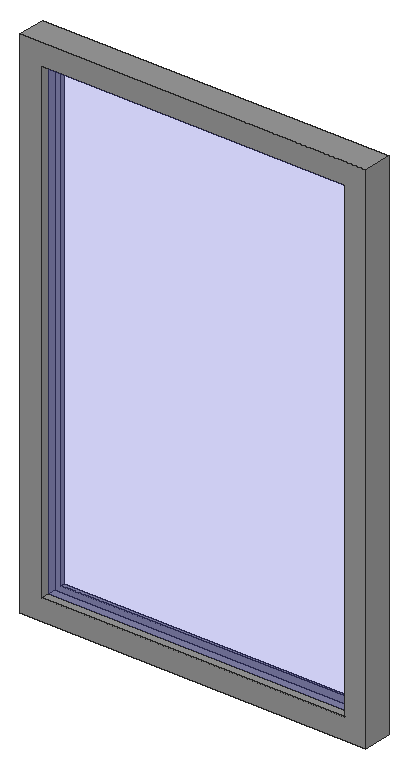
Revit family "2015_Ventana_Alugom_ALG 65 Optima_1-Hoja_Fija", category Windows, host Wall, Revit 2015
Parameters (values of type "800 mm x 1200 mm")
  𝑙𝑔 = 2 * ((Width / 1 mm - (AnchoMarco / 1 mm * 2)) + (Height / 1 mm - (AnchoMarco / 1 mm * 2)))  # 3287.2
  𝑈𝑤 = ((𝐴𝑔 * 𝑈𝑔) + (𝐴𝑓 * 𝑈𝑓) + ((𝑙𝑔 * Y𝑔) * 1000)) / (𝐴𝑔 + 𝐴𝑓)  # 2.8614
  𝑈𝑔 = 1.9
  𝑈𝑓 = 3.629
  𝐴𝑔 = (Height / 1 mm - (AnchoMarco / 1 mm * 2)) * (Width / 1 mm - (AnchoMarco / 1 mm * 2))  # 635355.24
  𝐴𝑓 = (((Height / 1 mm + Width / 1 mm) * AnchoMarco / 1 mm) * 2) - (AnchoMarco / 1 mm * AnchoMarco / 1 mm * 4)  # 324644.76
  Y𝑔 = 0.11
  VidaUtilEsperada = ""
  VersionElementoBIM = "1.0"  # constant formula
  UnidadMedicion = ""
  UnidadMantenimiento = ""
  Unidad = ""
  Uniclass2.0Titulo = "\"Door and window systems\""
  Uniclass2.0Codigo = "\"25-30\""
  URLProducto = "http://www.alugom.com/Catalogo/tabid/336/ProdID/47/Language/es-ES/CatID/2/ventana_practicable_de_camara_europea_de_65_mm_con_RPT.aspx"
  URL Poliamida - Catálogo = "http://www.technoform.com/fileadmin/Technoform_Bautec/standardprofiles.html"
  URL Poliamida = "http://www.technoform.es/"
  URL = "http://www.alugom.com/es-es/inicio.aspx"
  UNSPSCTitulo = "Windows"  # constant formula
  UNSPSCCodigo = "30171600"  # constant formula
  Type Comments = "Sistema de Ventana de 1 Hoja Rotura de Puente Térmico ALG65 Óptima Practicable."
  TransmitanciaTermica = 0.0000 W/(m²·K)
  TrabajoMantenimiento = ""
  TipoEmbalajeProteccion = ""
  TiempoMedioEntreFallos = ""
  TelefonoContacto = "34 91 616 47 27"  # constant formula
  SalidaEmergencia = yes
  ResistenciaFuego = ""
  ResistenciaAlViento = ""
  ResiduosPeligrososPorUnidad = 0
  ResiduosPeligrosos = 0
  ResiduosNoPeligrososPorUnidad = 0
  ResiduosNoPeligrosos = 0
  ResiduoRadioactivoPorUnidad = 0
  ResiduoRadioactivo = 0
  ResiduoInertePorUnidad = 0
  ResiduoInerte = 0
  RepisaInterior = no
  RepisaExterior = no
  ReferenciaUnidadFuncional = ""
  ReferenciaLote = ""
  ReferenciaContacto = "Alugom"  # constant formula
  Referencia = ""
  PuntoDeContacto = ""
  Proyección Apertura = yes
  Practicable = yes
  Poliamida = Poliamida, Technoform Bautec, PA66 GF 25
  PermeabilidadAlAire = ""
  PeriodoGarantia = ""
  Perimetro = (Width / 1 mm * 2) + (Height / 1 mm * 2)  # 4000
  Operation = "Fija"
  OmniclassTitulo = "Casment Window"  # constant formula
  OmniclassCodigo = "23.30.20.17.21.21"  # constant formula
  NumeroSerie = ""
  NumeroArticuloGlobalComercial = ""
  NumeroArticulo = ""
  NormativaMantenimiento = ""
  NivelSeguridad = ""
  Motorizada = no
  Model = "ALG65 Óptima Fija"
  MaterialEnvase = ""
  MaterialContenedor = ""
  MateriaPrima = 0
  MasterformatTitulo = "Aluminium Windows"  # constant formula
  MasterformatCodigo = "08 51 13"  # constant formula
  MasaSuperficialKgm2 = 0
  Marco = Aluminio
  Manufacturer = "Grupo Alugom"  # constant formula
  Manija = yes
  LugarEnsamblaje = ""
  InstruccionesEspeciales = ""
  InformacionTecnica = "http://www.alugom.com/Catalogo/tabid/336/ProdID/47/Language/es-ES/CatID/2/ventana_practicable_de_camara_europea_de_65_mm_con_RPT.aspx"
  IndiceGlobalRedAcusticaTr = ""
  IndiceGlobalRedAcustica = ""
  IdentificadorGarantia = ""
  IFCClasificacion = ""
  GrosorMarco = 65 mm  # constant formula
  GrosorAcristalamiento = 39 mm  # constant formula
  GarantiaExtendida = ""
  FrecuenciaMantenimiento = ""
  FraccionAreaAcristalamiento = 0.00%
  FormacionFotoquimicaOzonoPorUnidad = 0
  FormacionFotoquimicaOzono = 0
  FechaVencimientoElementoBIM = "05/09/2017"  # constant formula
  FechaInstalacion = ""
  FechaInicioGarantia = ""
  FechaFinGarantia = ""
  FechaEvaluacion = ""
  FechaEmisionElementoBIM = "05/09/2016"  # constant formula
  FechaCompra = ""
  FaseCicloVida = ""
  FaltaDeRecursosPorUnidad = 0
  FaltaDeRecursos = 0
  FactorSombra = 0
  FactorSolarModificado = 3000000
  Exclusiones = ""
  EutrofizacionPorUnidad = 0
  Eutrofizacion = 0
  EtiquetaModelo = ""
  EstanqueidadAgua = ""
  Estado = ""
  EnergiaRenovableConsumidaPorUnidad = 0
  EnergiaRenovableConsumida = 0
  EnergiaPrimariaTotalConsumidaPorUnidad = 0
  EnergiaPrimariaTotalConsumida = 0
  EnergiaNoRenovableConsumidaPorUnidad = 0
  EnergiaNoRenovableConsumida = 0
  EmisionCO2 = 0
  EmailContacto = "alugom@alugom.com"  # constant formula
  DuracionVidaUtil = ""
  Detalle Perfileria = yes
  DestruccionCapaOzonoEstratosfericaPorUnidad = 0
  DestruccionCapaOzonoEstratosferica = 0
  DesfaseInterior = 0 mm
  DesfaseExterior = 0 mm
  DesfaseAcristalamiento = 7.8 mm  # constant formula
  Description = "Ventana fija"
  DescripcionEvaluacion = ""
  CosteMantenimiento = 0
  CosteEnergeticoMj = 0 J
  CosteEnergeticoKwh = 0
  ControlHumos = no
  ContenidoGarantia = ""
  ConfiguracionPoliamidas = "350300 - 464700"  # constant formula
  CondicionesMantenimiento = ""
  CondicionesGeneralesDeContratacion = ""
  CondicionesEvaluacion = ""
  CodigoBedec = ""
  CodigoBarras = ""
  CertificadoMantenimiento = ""
  CerramientoExterior = yes
  CambioClimaticoPorUnidad = 0
  CambioClimatico = 0
  COBieCategoria = ""
  Aperturas [instance] = yes
  Anchura Real = if(Width > Anchura Máxima, Anchura Máxima, Width)  # 800 mm
  Anchura Máxima = 1700 mm
  AnchoMarco = 89.1 mm
  Altura Real = if(Height > Altura Máxima, Altura Máxima, Height)  # 1200 mm
  Altura Máxima = 2500 mm
  Height = 1200 mm
  Bimetica = "http://www.bimetica.com"
  AñoProduccion = ""
  Autor = "Bimetica Parametric Design Services, S.L."  # constant formula
  Area = Altura Real * Anchura Real  # 960000.00 mm²
  Altura de antepecho por defecto = 800 mm
  Wall Closure = By host
  Width = 800 mm
  AguaConsumidaPorUnidad = 0
  AguaConsumida = 0
  Acristalamiento = Vidrio
  AcidificacionAtmosfericaPorUnidad = 0
  AcidificacionAtmosferica = 0
  Acabado = ""
Reference planes
  plane 1 "Centro (Frontal/Posterior)": y = -35
  plane 2 "Centro (Izquierda/Derecha)": x = 0
  plane 3 "Izquierda": x = -400
  plane 4 "Derecha": x = 400
  plane 5 "Antepecho": z = 800
  plane 6 "Extremo inicial": z = 2000
  plane 7 "Interior": y = -100
  plane 8 "ASDAS": y = -100
Forms (mm)
  Sweep 1, solid, material "Aluminio" <- "Marco"
    path origin (0, -100, 0) x (1, 0, 0) y (0, 0, 1)
      loop
        line (-400, 800) -> (400, 800) -> (400, 2000) -> (-400, 2000) -> (-400, 800)
    profile origin (-400, -100, 1400) x (-1, 0, 0) y (0, -1, 0)
      loop
        line (0, 0) -> (-49.001, 0) -> (-49.001, -18.2) -> (-34.001, -18.2) -> (-34.001, -57.2) -> (-49.001, -57.2) -> (-49.001, -65) -> (0, -65) -> (0, 0)
  Extrusion 2, solid, material "Vidrio" <- "Acristalamiento"
    sketch origin (0, 0, 800) x (0, -1, 0) y (1, 0, 0)
      loop
        line (42.8, -365.999) -> (81.8, -365.999) -> (81.8, 365.999) -> (42.8, 365.999) -> (42.8, -365.999)
    from 34.001 to 1165.999
Lines and regions (mm)
  Opening 1
    outline origin (3500, -100, 0) x (1, 0, 0) y (0, 0, 1)
      loop
        line (-3100, 800) -> (-3100, 2000) -> (-3900, 2000) -> (-3900, 800) -> (-3100, 800)
  symbolic lines, style "WindowsGlassProjection", detail levels fine
    curve 1: line (-365.999, -47.8, 0) -> (365.999, -47.8, 0)
    curve 2: line (-365.999, -76.8, 0) -> (365.999, -76.8, 0)
    curve 3: line (365.999, -59.8, 0) -> (-365.999, -59.8, 0)
    curve 4: line (365.999, -64.8, 0) -> (-365.999, -64.8, 0)
    curve 6: line (-400, -47.8, 834.001) -> (-400, -47.8, 1965.999)
    curve 7: line (-400, -76.8, 834.001) -> (-400, -76.8, 1965.999)
    curve 8: line (-400, -64.8, 1965.999) -> (-400, -64.8, 834.001)
    curve 9: line (-400, -59.8, 1965.999) -> (-400, -59.8, 834.001)
  reference lines
    curve 5: line (0, -100, 800) -> (0, -35, 800)
Text (mm)
  text "EXTERIOR" at (-1963.203, 1332.353, 0), in view "Nivel de referencia"
  text "INTERIOR" at (-1981.466, -818.386, 0), in view "Nivel de referencia"
  text "Exterior" at (0, 923.751, 2943.296), in view "Derecha"
  text "Exterior" at (0, 1040.484, 2685.409), in view "Izquierda"
Dimensions and locks
  equal spacing: plane 3 "Izquierda", plane 2 "Centro (Izquierda/Derecha)", plane 4 "Derecha"
  "Anchura Real": plane 3 "Izquierda" to plane 4 "Derecha"
  "Height": plane 5 "Antepecho" to plane 6 "Extremo inicial"
  "Altura de antepecho por defecto": plane 5 "Antepecho" to level
  "DesfaseInterior": plane 8 "ASDAS" to plane 7 "Interior"
  "DesfaseExterior": host wall to plane 7 "Interior"
  "GrosorMarco": plane 8 "ASDAS" to plane 1 "Centro (Frontal/Posterior)"
  "GrosorAcristalamiento": Extrusion 2 sketch curve to Extrusion 2 sketch curve
  locked: Extrusion 2 sketch curve to plane 4 "Derecha" at 34.001
  locked: plane 3 "Izquierda" to Extrusion 2 sketch curve at 34.001
  Extrusion 2 to curve 1 to curve 3 to curve 4 to curve 2 = 5 mm locked, 12 mm locked, 5 mm locked, 12 mm locked
  nested 3 to plane 1 "Centro (Frontal/Posterior)" = 65 mm
  plane 5 "Antepecho" to Extrusion 2 = 34.001 mm
  Extrusion 2 to plane 6 "Extremo inicial" = 34.001 mm
  nested 4 to plane 1 "Centro (Frontal/Posterior)" = 65 mm
  Extrusion 2 to curve 6 to curve 9 to curve 8 to curve 7 = 5 mm locked, 12 mm locked, 5 mm locked, 12 mm locked
  plane 3 "Izquierda" to plane 4 "Derecha" = 800 mm
  profile plane to Sweep 1 sketch curve to Sweep 1 sketch curve to Sweep 1 sketch curve = 0 mm, 34.001 mm, 15 mm
  "DesfaseAcristalamiento": Sweep 1 sketch curve to plane 1 "Centro (Frontal/Posterior)"
  "GrosorAcristalamiento": Sweep 1 sketch curve to Sweep 1 sketch curve
  "DesfaseAcristalamiento": Extrusion 2 to plane 1 "Centro (Frontal/Posterior)"
  locked: Extrusion 2 to plane 6 "Extremo inicial" at 34.001
  locked: plane 5 "Antepecho" to Extrusion 2 at 34.001
  aligned and locked: plane 8 "ASDAS" to nested 1
  aligned and locked: nested 1 to plane 3 "Izquierda"
  aligned and locked: nested 2 to plane 4 "Derecha"
  aligned and locked: nested 2 to plane 8 "ASDAS"
  aligned and locked: plane 5 "Antepecho" to Sweep 1 sketch curve
  aligned and locked: plane 3 "Izquierda" to Sweep 1 sketch curve
  aligned and locked: Sweep 1 sketch curve to plane 6 "Extremo inicial"
  aligned and locked: Sweep 1 sketch curve to plane 4 "Derecha"
  aligned and locked: curve 5 to plane 2 "Centro (Izquierda/Derecha)"
  aligned and locked: plane 1 "Centro (Frontal/Posterior)" to curve 5
  aligned and locked: plane 8 "ASDAS" to curve 5
  aligned and locked: Extrusion 2 to curve 6  (x2)
  aligned and locked: Extrusion 2 to curve 7  (x2)
  aligned and locked: Extrusion 2 to curve 8  (x2)
  aligned and locked: Extrusion 2 to curve 9  (x2)
  aligned and locked: plane 1 "Centro (Frontal/Posterior)" to Sweep 1 sketch curve
  aligned and locked: nested 3 to plane 1 "Centro (Frontal/Posterior)"
  aligned and locked: nested 3 to plane 5 "Antepecho"
  aligned and locked: nested 4 to plane 6 "Extremo inicial"
  aligned and locked: nested 4 to plane 1 "Centro (Frontal/Posterior)"
Automatic sketch dimensions
  plane 3 "Izquierda" to Opening 1 sketch curve = 0 mm
  plane 4 "Derecha" to Opening 1 sketch curve = 0 mm
  Opening 1 sketch curve to plane 5 "Antepecho" = 0 mm
  Opening 1 sketch curve to plane 6 "Extremo inicial" = 0 mm
  curve 1 to plane 3 "Izquierda" = 34.001 mm
  curve 3 to curve 1 = 0 mm
  curve 2 to curve 3 = 0 mm
  curve 4 to curve 3 = 0 mm  (x2)
  plane 4 "Derecha" to curve 3 = 34.001 mm
  curve 2 to curve 4 = 0 mm
  curve 1 to curve 3 = 0 mm
  curve 9 to curve 8 = 0 mm
  plane 8 "ASDAS" to Sweep 1 sketch curve = 0 mm
  Sweep 1 sketch curve to Sweep 1 sketch curve = 15 mm
  plane 1 "Centro (Frontal/Posterior)" to Extrusion 2 sketch curve = 7.8 mm
Nested families
  nested 1: "ALG 65 Optima_Detalle-Carpintería-Marco" at (-400, -100, 0), visible <- "Detalle Perfileria", type "Marco y Hoja Practicable", detail levels medium+fine
  nested 2: "ALG 65 Optima_Detalle-Carpintería-Marco" at (400, -100, 0) x (-1, 0, 0) z (0, 0, 1), visible <- "Detalle Perfileria", type "Marco y Hoja Practicable", detail levels medium+fine
  nested 3: "ALG 65 Optima_Detalle-Carpintería-Marco" at (400, -100, 800) x (0, 0, 1) z (-1, 0, 0), visible <- "Detalle Perfileria", type "Marco y Hoja Practicable", detail levels medium+fine
  nested 4: "ALG 65 Optima_Detalle-Carpintería-Marco" at (400, -100, 2000) x (0, 0, -1) z (-1, 0, 0), visible <- "Detalle Perfileria", type "Marco y Hoja Practicable", detail levels medium+fine
Definition of nested family "ALG 65 Optima_Detalle-Carpintería-Marco"
  Parameters (values of type "Marco y Hoja Practicable")
    URL = "http://www.alugom.com/"
    Model = "ALG 65 Optima"  # constant formula
    Marco y Hoja Practicable = yes
    FechaVencimientoElementoBIM = "01/01/2017"  # constant formula
    FechaEmisionElementoBIM = "02/09/2016"  # constant formula
    Manufacturer = "Grupo Alugom"  # constant formula
    Description = "Detalle carpintería ALG 65 Optima_Marco y Hoja Practicable"
    Bimetica = "http://www.bimetica.com"
    Autor = "Bimetica Parametric Design Services, S.L."  # constant formula
  Reference planes
    plane 1 "Centro (Frontal/Posterior)": y = 0
    plane 2: z = 0
    plane 3 "Centro (Izquierda/Derecha)": x = 0
  Lines and regions (mm)
    Masking region 1, in view "Nivel de referencia", visible <- "Marco y Hoja Practicable"
      outline origin (0, 0, 0) x (1, 0, 0) y (0, 1, 0)
        loop
          line (0, 0) -> (49.001, 0) -> (49.001, 14.5) -> (34.001, 14.5) -> (34.001, 57.496) -> (34.001, 61) -> (49.001, 61) -> (49.001, 64.5)
          arc (49.001, 64.5) -> (48.855, 64.854) -> (48.501, 65) r 0.5
          line (48.501, 65) -> (0, 65) -> (0, 0)
